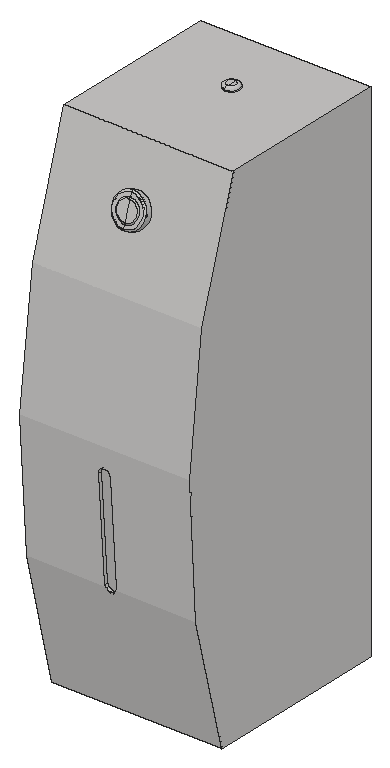
Revit family
Parameters (values of type "STRX618")
  URL = "http://www.franke.com/washroomsystems/main/en/home.html"
  Revised Date = "02/09/2012"
  Product URL = "http://www.franke.com/washroomsystems/main/en/home/our_products/allproducts/all/201/201-102/ag-strx618/strx618_detail.html"
  Phone # = "416.250.5656"
  Model = "STRX618"
  Material = Stainless Steel
  Manufacturer = "Franke Commercial"
  Designed By = "ATS BIM Team"
  Description = "Franke Commercial ‘STRATOS’ #STRX618E Cream Soap Dispenser, 24-7/8” H x 5” W x 5-3/4” D (632mm x 127mm x 147mm), recess mounted, manufactured from heavy duty 16 gauge (1.5mm), grade 18-10 type 304 stainless steel with satin surface finished in patented InoxPlus® to minimize finger marks and ensure easy cleanup, curved front cover, inspection window on front, includes 27 oz. (800mL) container for liquid soap, push lever handle, standard Franke keyed cylinder lock and mounting hardware.  Provide adequate backing in wall for support and comply to local codes for barrier free requirements."
  Assembly Code = "E1090"
Reference planes (in)
  plane 1 "Center (Front/Back)": y = 0
  plane 2: z = 0
  plane 3 "Center (Left/Right)": x = 0
  plane 4: through (0, -4.99485, 23.42373) normal (0, 0.3169, 0.9484)
  plane 5: z = 11.9375
  plane 6: x = -1.96875
  plane 7: x = 1.96875
  plane 8: y = -5.25
Forms (in)
  Extrusion 1, solid, material "Stainless Steel" <- "Material"
    sketch origin (0, 0, -12.53485) x (0, 1, 0) y (0, 0, 1)
      loop
        line (-4.32122, 12.53485) -> (-4.25496, 12.53485)
        arc (-4.25496, 12.53485) -> (-5.18747, 18.49427) -> (-3.91186, 24.38979) r 16.47064
        line (-3.91186, 24.38979) -> (-3.97961, 24.38979)
        arc (-3.97961, 24.38979) -> (-5.25, 18.49401) -> (-4.32122, 12.53485) r 16.53314
    from -1.96875 to 1.96875
  Extrusion 2, void
    sketch origin (0, 0.5, -12.88189) x (1, 0, 0) y (0, 0, 1)
      loop
        line (-0.1378, 18.27679) -> (-0.1378, 15.87885)
        arc (-0.1378, 15.87885) -> (0, 15.74105) -> (0.1378, 15.87885) r 0.1378
        line (0.1378, 15.87885) -> (0.1378, 18.27679)
        arc (0.1378, 18.27679) -> (0, 18.41458) -> (-0.1378, 18.27679) r 0.1378
    from 5.41596 to 5.93619
  Extrusion 3, solid, material "Stainless Steel" <- "Material"
    sketch origin (0, 0, -12.43759) x (0, 1, 0) y (0, 0, 1)
      loop
        line (-4.32122, 12.43759) -> (-0.51181, 12.43759) -> (-0.51181, 24.29254) -> (-3.97961, 24.29254) -> (-3.97961, 24.2404) -> (-0.54306, 24.2404) -> (-0.54306, 12.46884) -> (-4.32122, 12.46884) -> (-4.32122, 12.43759)
    from -1.96875 to 1.96875
  Revolve 4, solid, material "Stainless Steel" <- "Material"
    sketch origin (0, 0.57906, -12.88189) x (0, 1, 0) y (0, 0, 1)
      loop
        arc (-5.0855, 23.72384) -> (-5.10053, 23.72278) -> (-5.11041, 23.71141) r 0.01969
        line (-5.11041, 23.71141) -> (-5.18528, 23.48737) -> (-4.99485, 23.42373) -> (-4.87006, 23.79713) -> (-5.00075, 23.8408) -> (-5.05057, 23.81594) -> (-5.08177, 23.72259)
      axis (-5.18528, 23.48737) -> (-4.99485, 23.42373)
    angle from 0 to 360
  Revolve 5, solid, material "Stainless Steel" <- "Material"
    sketch origin (0, 0, -12.49732) x (0, 1, 0) y (0, 0, 1)
      loop
        line (-1.5748, 24.31155) -> (-1.5748, 24.43474) -> (-1.69291, 24.43474)
        arc (-1.69291, 24.43474) -> (-1.73957, 24.41579) -> (-1.75982, 24.36968) r 0.06693
        line (-1.75982, 24.36968) -> (-1.75982, 24.31155) -> (-1.5748, 24.31155)
      axis (-1.5748, 24.43474) -> (-1.5748, 24.31155)
    angle from 0 to 360
  Extrusion 6, solid, material "Stainless Steel" <- "Material"
    sketch origin (0, 0, -12.88189) x (0, 1, 0) y (0, 0, 1)
      loop
        line (0, 24.73684) -> (-0.51181, 24.73684) -> (-0.51181, 12.88189) -> (0, 12.88189) -> (0, 24.73684)
    from -1.96875 to 1.96875
  Extrusion 7, solid, material "Stainless Steel" <- "Material"
    sketch origin (-3.93676, 0, -12.88189) x (0, 1, 0) y (0, 0, -1)
      loop
        line (-0.51181, -12.88189) -> (-4.32122, -12.88189)
        arc (-4.32122, -12.88189) -> (-5.25, -18.84105) -> (-3.97961, -24.73684) r 16.53314
        line (-3.97961, -24.73684) -> (-0.51181, -24.73684) -> (-0.51181, -12.88189)
    from -5.90551 to -5.87426
  Extrusion 8, solid, material "Stainless Steel" <- "Material"
    sketch origin (3.93676, 0, -12.88189) x (0, 1, 0) y (0, 0, 1)
      loop
        line (-0.51181, 12.88189) -> (-0.51181, 24.73684) -> (-3.97961, 24.73684)
        arc (-3.97961, 24.73684) -> (-5.25, 18.84105) -> (-4.32122, 12.88189) r 16.53314
        line (-4.32122, 12.88189) -> (-0.51181, 12.88189)
    from -5.90551 to -5.87426
Cuts and joins
  Extrusion 2 cuts Extrusion 1
  joined: Extrusion 1, Extrusion 3, Revolve 5, Extrusion 6, Extrusion 7, Extrusion 8
Dimensions and locks (in)
  plane 5 to plane 2 = 11 15/16"
  plane 7 to plane 6 = 3 15/16"
  plane 1 "Center (Front/Back)" to plane 8 = 5 1/4"
